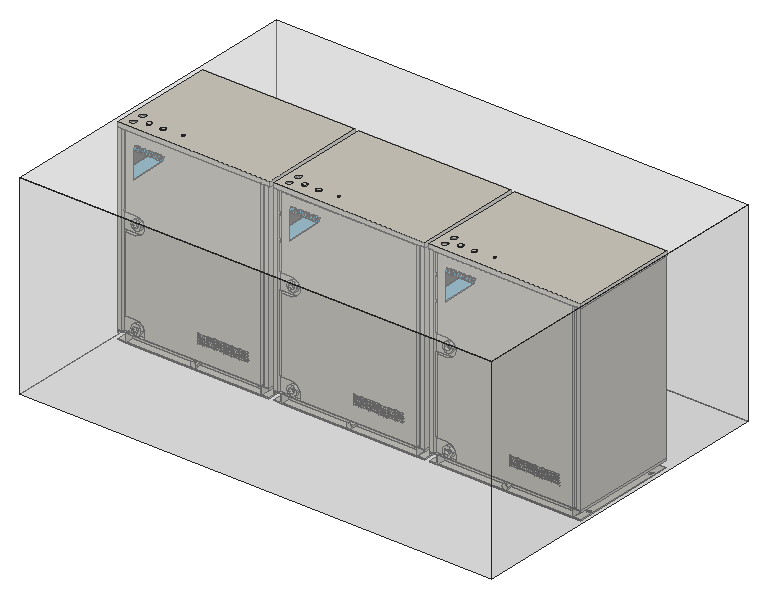
Revit family "outputfile", category 機械設備, Revit 2024 (continued)
Definition of nested family "DAIKIN_outdoorunit_RWEYQ-TY14"
  Definition of nested family "outdoorunit_frontpanel"
    Dimensions and locks
      aligned and locked: plane 8 "Left" to Extrusion 1 sketch curve
      aligned and locked: Extrusion 1 sketch curve to plane 4 "Back"
      aligned and locked: plane 5 "Front" to Extrusion 1 sketch curve
      aligned and locked: Extrusion 1 to plane 2 "Bottom"
      aligned and locked: plane 7 "Top" to Extrusion 1
      aligned and locked: plane 3 to plane 8 "Left"
      aligned and locked: plane 8 "Left" to Extrusion 2 sketch curve
      aligned and locked: Extrusion 2 sketch curve to plane 7 "Top"
      aligned and locked: plane 2 "Bottom" to Extrusion 2 sketch curve
      aligned and locked: Extrusion 2 sketch curve to plane 2 "Bottom"
      aligned and locked: plane 6 to Extrusion 2 sketch curve
      aligned and locked: plane 7 "Top" to Extrusion 2 sketch curve
      aligned and locked: Extrusion 2 to plane 1 "Center (Front/Back)"
      aligned and locked: plane 9 "Center L/S" to Extrusion 3
      aligned and locked: Extrusion 4 sketch curve to plane 7 "Top"
      aligned and locked: plane 2 "Bottom" to Extrusion 4 sketch curve
      aligned and locked: Extrusion 4 to plane 9 "Center L/S"
      aligned and locked: Extrusion 5 to plane 5 "Front"
      aligned and locked: plane 9 "Center L/S" to Extrusion 5
      aligned and locked: Extrusion 6 to plane 10 "Center L/T"
    Automatic sketch dimensions
      Extrusion 1 sketch curve to plane 6 = 0.0 mm
      Extrusion 3 sketch curve to plane 7 "Top" = 0.0 mm
      plane 3 to Extrusion 3 sketch curve = 2.0 mm  (x4)
      plane 3 to Extrusion 3 sketch curve = 10.5 mm
      Extrusion 3 sketch curve to Extrusion 3 sketch curve = 71.0 mm
      level to Extrusion 3 sketch curve = 31.0 mm
      Extrusion 3 sketch curve to plane 3 = 33.0 mm
      plane 6 to Extrusion 4 sketch curve = 236.161 mm
      Extrusion 5 sketch curve to Extrusion 5 sketch curve = 0.0 mm  (x4)
      plane 3 to Extrusion 5 sketch curve = 73.0 mm  (x2)
      level to Extrusion 5 sketch curve = 31.0 mm
      Extrusion 5 sketch curve to plane 7 "Top" = 420.0 mm
      level to Extrusion 6 sketch curve = 131.0 mm
      Extrusion 6 sketch curve to plane 6 = 345.2 mm
      Extrusion 6 sketch curve to Extrusion 6 sketch curve = 0.0 mm  (x40)
      Extrusion 6 sketch curve to Extrusion 6 sketch curve = 42.7 mm  (x2)
      Extrusion 6 sketch curve to Extrusion 6 sketch curve = 1.0 mm  (x32)
      Extrusion 6 sketch curve to Extrusion 6 sketch curve = 42.2 mm  (x4)
      Extrusion 6 sketch curve to Extrusion 6 sketch curve = 12.25 mm  (x7)
      Extrusion 6 sketch curve to Extrusion 6 sketch curve = 11.75 mm  (x9)
      radius of Extrusion 5 sketch curve = 25.0 mm  (x2)
      radius of Extrusion 5 sketch curve = 15.5 mm  (x2)
  Definition of nested family "outdoorunit_rightpanel1"
    Parameters (values of type "frontpanel1")
      width = 550.0 mm
      material [instance] = none
      height1 = 931.0 mm
      depth = 20.0 mm
      Default Elevation = 0.0 mm
    Reference planes
      plane 1 "Center (Front/Back)": y = 0
      plane 2 "Bottom": z = 0
      plane 3: x = 0
      plane 4 "Back": y = 10
      plane 5 "Front": y = -10
      plane 6: x = 550
      plane 7 "Top": z = 931
      plane 8 "Left": x = 0
      plane 9: y = -8.75
      plane 10: z = 639
      plane 11: y = -5.75
      plane 12: y = -2.551
      plane 13: y = -13
      plane 14: x = 275
    Forms (mm)
      Extrusion 1, solid, material <- "material"
        sketch origin (0, 0, 0) x (1, 0, 0) y (0, 1, 0)
          loop
            line (0, 10) -> (0, -10) -> (550, -10) -> (550, 10) -> (0, 10)
        from 0 to 931
    Dimensions and locks
      equal spacing: plane 4 "Back", plane 1 "Center (Front/Back)", plane 5 "Front"
      "depth": plane 4 "Back" to plane 5 "Front"
      "width": plane 8 "Left" to plane 6
      "height1": plane 7 "Top" to plane 2 "Bottom"
      locked: plane 10 to plane 2 "Bottom" at 639
      locked: plane 12 to plane 11 at 3.199
      plane 5 "Front" to plane 13 = 3.0 mm
      equal spacing: plane 8 "Left", plane 14, plane 6
      aligned and locked: level to plane 2 "Bottom"
      aligned and locked: plane 8 "Left" to Extrusion 1 sketch curve
      aligned and locked: Extrusion 1 sketch curve to plane 4 "Back"
      aligned and locked: plane 5 "Front" to Extrusion 1 sketch curve
      aligned and locked: Extrusion 1 to plane 2 "Bottom"
      aligned and locked: plane 7 "Top" to Extrusion 1
      aligned and locked: plane 3 to plane 8 "Left"
    Automatic sketch dimensions
      Extrusion 1 sketch curve to plane 6 = 0.0 mm
  Definition of nested family "outdoorunit_backpanel"
    Parameters (values of type "frontpanel1")
      width = 736.0 mm
      material [instance] = none
      height1 = 931.0 mm
      depth = 20.0 mm
      Default Elevation = 0.0 mm
    Reference planes
      plane 1 "Center (Front/Back)": y = 0
      plane 2 "Bottom": z = 0
      plane 3: x = 0
      plane 4 "Back": y = 10
      plane 5 "Front": y = -10
      plane 6: x = 736
      plane 7 "Top": z = 931
      plane 8 "Left": x = 0
      plane 9: z = 639
      plane 10: x = 368
    Forms (mm)
      Extrusion 1, solid, material <- "material"
        sketch origin (0, 0, 0) x (1, 0, 0) y (0, 1, 0)
          loop
            line (0, 10) -> (0, -10) -> (736, -10) -> (736, 10) -> (0, 10)
        from 0 to 931
      Extrusion 2, void
        sketch origin (0, 0, 0) x (1, 0, 0) y (0, 1, 0)
          loop
            line (0, -4) -> (0, -10) -> (21, -10) -> (21, -7) -> (2, -7) -> (2, -4) -> (0, -4)
          loop
            line (736, -4) -> (734, -4) -> (734, -7) -> (715, -7) -> (715, -10) -> (736, -10) -> (736, -4)
        from 0 to 931
    Cuts and joins
      Extrusion 2 cuts Extrusion 1
    Dimensions and locks
      equal spacing: plane 4 "Back", plane 1 "Center (Front/Back)", plane 5 "Front"
      "depth": plane 4 "Back" to plane 5 "Front"
      "width": plane 8 "Left" to plane 6
      "height1": plane 7 "Top" to plane 2 "Bottom"
      locked: plane 9 to plane 2 "Bottom" at 639
      equal spacing: plane 8 "Left", plane 10, plane 6
      aligned and locked: level to plane 2 "Bottom"
      aligned and locked: plane 8 "Left" to Extrusion 1 sketch curve
      aligned and locked: Extrusion 1 sketch curve to plane 4 "Back"
      aligned and locked: plane 5 "Front" to Extrusion 1 sketch curve
      aligned and locked: Extrusion 1 to plane 2 "Bottom"
      aligned and locked: plane 7 "Top" to Extrusion 1
      aligned and locked: plane 3 to plane 8 "Left"
    Automatic sketch dimensions
      Extrusion 1 sketch curve to plane 6 = 0.0 mm
      Extrusion 2 sketch curve to plane 3 = 0.0 mm
      Extrusion 2 sketch curve to plane 5 "Front" = 0.0 mm  (x2)
      Extrusion 2 sketch curve to plane 6 = 0.0 mm
      plane 3 to Extrusion 2 sketch curve = 2.0 mm
      Extrusion 2 sketch curve to Extrusion 2 sketch curve = 19.0 mm
      Extrusion 2 sketch curve to Extrusion 2 sketch curve = 21.0 mm
      Extrusion 2 sketch curve to plane 6 = 2.0 mm
      Extrusion 2 sketch curve to Extrusion 2 sketch curve = 3.0 mm  (x4)
  Definition of nested family "outdoorunit_leftpanel"
    Parameters (values of type "frontpanel1")
      width = 550.0 mm
      material [instance] = none
      height1 = 931.0 mm
      depth = 20.0 mm
      Default Elevation = 0.0 mm
    Reference planes
      plane 1 "Center (Front/Back)": y = 0
      plane 2 "Bottom": z = 0
      plane 3: x = 0
      plane 4 "Back": y = 10
      plane 5 "Front": y = -10
      plane 6: x = 550
      plane 7 "Top": z = 931
      plane 8 "Left": x = 0
      plane 9: y = -8.75
      plane 10: z = 639
      plane 11: y = -5.75
      plane 12: y = -2.551
      plane 13: y = -13
      plane 14: x = 275
    Forms (mm)
      Extrusion 1, solid, material <- "material"
        sketch origin (0, 0, 0) x (1, 0, 0) y (0, 1, 0)
          loop
            line (0, 10) -> (0, -10) -> (550, -10) -> (550, 10) -> (0, 10)
        from 0 to 931
    Dimensions and locks
      equal spacing: plane 4 "Back", plane 1 "Center (Front/Back)", plane 5 "Front"
      "depth": plane 4 "Back" to plane 5 "Front"
      "width": plane 8 "Left" to plane 6
      "height1": plane 7 "Top" to plane 2 "Bottom"
      locked: plane 10 to plane 2 "Bottom" at 639
      locked: plane 12 to plane 11 at 3.199
      plane 5 "Front" to plane 13 = 3.0 mm
      equal spacing: plane 8 "Left", plane 14, plane 6
      aligned and locked: level to plane 2 "Bottom"
      aligned and locked: plane 8 "Left" to Extrusion 1 sketch curve
      aligned and locked: Extrusion 1 sketch curve to plane 4 "Back"
      aligned and locked: plane 5 "Front" to Extrusion 1 sketch curve
      aligned and locked: Extrusion 1 to plane 2 "Bottom"
      aligned and locked: plane 7 "Top" to Extrusion 1
      aligned and locked: plane 3 to plane 8 "Left"
    Automatic sketch dimensions
      Extrusion 1 sketch curve to plane 6 = 0.0 mm
  Definition of nested family "outdoorunit_uppanel"
    Parameters (values of type "frontpanel1")
      width = 780.0 mm
      material [instance] = none
      height1 = 550.0 mm
      depth = 24.0 mm
      Default Elevation = 0.0 mm
    Reference planes
      plane 1 "Center (Front/Back)": y = 0
      plane 2 "Bottom": z = 0
      plane 3: x = 0
      plane 4 "Back": y = 12
      plane 5 "Front": y = -12
      plane 6: x = 780
      plane 7 "Top": z = 550
      plane 8 "Left": x = 0
      plane 9: y = -8.75
      plane 10: z = 639
      plane 11: y = -5.75
      plane 12: y = -2.551
    Forms (mm)
      Extrusion 1, solid, material <- "material"
        sketch origin (0, 0, 0) x (1, 0, 0) y (0, 1, 0)
          loop
            line (0, 12) -> (0, -12) -> (780, -12) -> (780, 12) -> (0, 12)
        from 0 to 550
      Extrusion 2, void
        sketch origin (0, 0, 0) x (1, 0, 0) y (0, 0, 1)
          loop
            circle (51, 38) r 14.5
          loop
            circle (51, 98) r 14.5
        from 9 to 12
    Cuts and joins
      Extrusion 2 cuts Extrusion 1
    Dimensions and locks
      equal spacing: plane 4 "Back", plane 1 "Center (Front/Back)", plane 5 "Front"
      "depth": plane 4 "Back" to plane 5 "Front"
      "width": plane 8 "Left" to plane 6
      "height1": plane 7 "Top" to plane 2 "Bottom"
      locked: plane 10 to plane 2 "Bottom" at 639
      locked: Extrusion 2 sketch curve to plane 8 "Left" at 51  (x2)
      locked: Extrusion 2 sketch curve to level at 38
      locked: Extrusion 2 sketch curve to Extrusion 2 sketch curve at 60
      aligned and locked: level to plane 2 "Bottom"
      aligned and locked: plane 8 "Left" to Extrusion 1 sketch curve
      aligned and locked: Extrusion 1 sketch curve to plane 4 "Back"
      aligned and locked: Extrusion 1 sketch curve to plane 5 "Front"
      aligned and locked: Extrusion 1 to plane 2 "Bottom"
      aligned and locked: plane 7 "Top" to Extrusion 1
      aligned and locked: plane 3 to plane 8 "Left"
    Automatic sketch dimensions
      Extrusion 1 sketch curve to plane 6 = 0.0 mm
      radius of Extrusion 2 sketch curve = 14.5 mm  (x2)
  Definition of nested family "outdoorunit_downpanel"
    Parameters (values of type "frontpanel1")
      width = 736.0 mm
      material [instance] = none
      height1 = 510.0 mm
      depth = 20.0 mm
      Default Elevation = 0.0 mm
    Reference planes
      plane 1 "Center (Front/Back)": y = 0
      plane 2 "Bottom": z = 0
      plane 3: x = 0
      plane 4 "Back": y = 10
      plane 5 "Front": y = -10
      plane 6: x = 736
      plane 7 "Top": z = 510
      plane 8 "Left": x = 0
      plane 9: z = 255
      plane 10: y = -18
      plane 11: y = 6
      plane 12: y = 8
      plane 13: x = 368
    Forms (mm)
      Extrusion 1, solid, material <- "material"
        sketch origin (0, 0, 0) x (1, 0, 0) y (0, 1, 0)
          loop
            line (0, 10) -> (0, -10) -> (736, -10) -> (736, 10) -> (0, 10)
        from 0 to 510
    Dimensions and locks
      equal spacing: plane 4 "Back", plane 1 "Center (Front/Back)", plane 5 "Front"
      "depth": plane 4 "Back" to plane 5 "Front"
      "width": plane 8 "Left" to plane 6
      "height1": plane 7 "Top" to plane 2 "Bottom"
      plane 4 "Back" to plane 11 = 4.0 mm
      plane 4 "Back" to plane 12 = 2.0 mm
      equal spacing: plane 8 "Left", plane 13, plane 6
      equal spacing: plane 7 "Top", plane 9, plane 2 "Bottom"
      aligned and locked: level to plane 2 "Bottom"
      aligned and locked: plane 8 "Left" to Extrusion 1 sketch curve
      aligned and locked: Extrusion 1 sketch curve to plane 4 "Back"
      aligned and locked: plane 5 "Front" to Extrusion 1 sketch curve
      aligned and locked: Extrusion 1 to plane 2 "Bottom"
      aligned and locked: plane 7 "Top" to Extrusion 1
      aligned and locked: plane 3 to plane 8 "Left"
    Automatic sketch dimensions
      Extrusion 1 sketch curve to plane 6 = 0.0 mm
  Definition of nested family "daikin_mountinghole"
    Parameters (values of type "daikin_mountinghole")
      Default Elevation = 1219.2 mm
      Type Comments = "mountinghole"
      show [instance] = yes
      material = none
      l_centerline = 100.0 mm
      l_antenna [instance] = 100.0 mm
      h_mountinghole [instance] = 0.0 mm
      d_circle = 30.0 mm
      Link_Nested Family [instance] = ""
    Reference planes
      plane 1 "Center (Front/Back)": y = 0
      plane 2: z = 0
      plane 3 "Center (Left/Right)": x = 0
      plane 4: y = 50
      plane 5: x = -50
      plane 6: x = 50
      plane 7: y = -50
      plane 8 "h_mountinghole": z = 0
      plane 9: z = 100
    Lines and regions (mm)
      model lines, detail levels fine
        curve 1: circle (0, 0, 0) r 15 normal (0, 0, 1)
        curve 2: line (-50, 0, 0) -> (50, 0, 0)
        curve 3: line (0, 50, 0) -> (0, -50, 0)
      symbolic lines, detail levels fine
        curve 4: circle (0, 0, 0) r 15 normal (0, 0, 1)
        curve 5: line (-50, 0, 0) -> (50, 0, 0)
        curve 6: line (0, 50, 0) -> (0, -50, 0)
      model lines
        curve 7: line (0, 0, 100) -> (0, 0, 0)
    Dimensions and locks
      equal spacing: plane 4, plane 1 "Center (Front/Back)", plane 7
      "l_centerline": plane 4 to plane 7
      equal spacing: plane 5, plane 3 "Center (Left/Right)", plane 6
      "l_centerline": plane 5 to plane 6
      "l_antenna": plane 9 to plane 8 "h_mountinghole"
      "h_mountinghole": plane 8 "h_mountinghole" to plane 2
      "d_circle": diameter of curve 1
      "d_circle": diameter of curve 4
      aligned and locked: level to plane 2
      aligned and locked: plane 1 "Center (Front/Back)" to curve 1
      aligned and locked: plane 3 "Center (Left/Right)" to curve 1
      aligned and locked: plane 1 "Center (Front/Back)" to curve 2
      aligned and locked: curve 3 to plane 3 "Center (Left/Right)"
      aligned and locked: plane 6 to curve 2
      aligned and locked: plane 5 to curve 2
      aligned and locked: plane 4 to curve 3
      aligned and locked: plane 7 to curve 3
      aligned and locked: plane 1 "Center (Front/Back)" to curve 4
      aligned and locked: plane 3 "Center (Left/Right)" to curve 4
      aligned and locked: plane 6 to curve 5
      aligned and locked: plane 5 to curve 5
      aligned and locked: plane 1 "Center (Front/Back)" to curve 5
      aligned and locked: plane 4 to curve 6
      aligned and locked: plane 7 to curve 6
      aligned and locked: curve 6 to plane 3 "Center (Left/Right)"
      aligned and locked: curve 7 to plane 3 "Center (Left/Right)"
      aligned and locked: plane 9 to curve 7
      aligned and locked: plane 8 "h_mountinghole" to curve 7
Definition of nested family "daikin_clearancespace"
  Parameters (values of type "daikin_clearancespace")
    Description = "daikin_clearancespace"
    width [instance] = 1823.963 mm
    show [instance] = yes
    material = none
    height [instance] = 1359.762 mm
    depth [instance] = 880.0 mm
    Default Elevation = 0.0 mm
    Link_Nested Family [instance] = ""
  Reference planes
    plane 1 "Center (Front/Back)": y = 0
    plane 2 "Center (Elevation)": z = -0.119
    plane 3 "Center (Left/Right)": x = 0
    plane 4: y = 440
    plane 5: y = -440
    plane 6 "Right": x = 911.982
    plane 7 "Left": x = -911.982
    plane 8 "Top": z = 679.762
    plane 9 "Bottom": z = -680
  Forms (mm)
    Extrusion 1, solid, material <- "material", visible <- "show"
      sketch origin (0, 0, 0) x (1, 0, 0) y (0, 1, 0)
        loop
          line (-911.982, 440) -> (-911.982, -440) -> (911.982, -440) -> (911.982, 440) -> (-911.982, 440)
      from -680 to 679.762
  Lines and regions (mm)
    symbolic lines, visible <- "show"
      curve 1: line (911.982, 440, 0) -> (-911.982, 440, 0)
      curve 2: line (-911.982, 440, 0) -> (-911.982, -440, 0)
      curve 3: line (-911.982, -440, 0) -> (911.982, -440, 0)
      curve 4: line (911.982, -440, 0) -> (911.982, 440, 0)
      curve 5: line (911.982, 0, 679.762) -> (-911.982, 0, 679.762)
      curve 6: line (911.982, 0, -680) -> (911.982, 0, 679.762)
      curve 7: line (-911.982, 0, -680) -> (911.982, 0, -680)
      curve 8: line (-911.982, 0, 679.762) -> (-911.982, 0, -680)
      curve 9: line (0, 440, 679.762) -> (0, -440, 679.762)
      curve 10: line (0, -440, 679.762) -> (0, -440, -680)
      curve 11: line (0, 440, -680) -> (0, 440, 679.762)
      curve 12: line (0, -440, -680) -> (0, 440, -680)
  Dimensions and locks
    "width": plane 7 "Left" to plane 6 "Right"
    "depth": plane 4 to plane 5
    "height": plane 8 "Top" to plane 9 "Bottom"
    equal spacing: plane 7 "Left", plane 3 "Center (Left/Right)", plane 6 "Right"
    equal spacing: plane 4, plane 1 "Center (Front/Back)", plane 5
    equal spacing: plane 8 "Top", plane 2 "Center (Elevation)", plane 9 "Bottom"
    aligned and locked: level to plane 2 "Center (Elevation)"
    aligned and locked: Extrusion 1 sketch curve to plane 4
    aligned and locked: plane 7 "Left" to Extrusion 1 sketch curve
    aligned and locked: Extrusion 1 sketch curve to plane 5
    aligned and locked: Extrusion 1 sketch curve to plane 6 "Right"
    aligned and locked: plane 8 "Top" to Extrusion 1
    aligned and locked: curve 1 to Extrusion 1
    aligned and locked: curve 2 to Extrusion 1
    aligned and locked: curve 3 to Extrusion 1
    aligned and locked: curve 4 to Extrusion 1
    aligned and locked: curve 5 to Extrusion 1
    aligned and locked: curve 6 to Extrusion 1
    aligned and locked: curve 7 to Extrusion 1
    aligned and locked: curve 8 to Extrusion 1
    aligned and locked: curve 9 to Extrusion 1
    aligned and locked: curve 10 to Extrusion 1
    aligned and locked: curve 11 to Extrusion 1
    aligned and locked: curve 12 to Extrusion 1
    aligned and locked: Extrusion 1 to plane 9 "Bottom"
Definition of nested family "daikin_logo_elevation_w150"
  Parameters (values of type "daikin_logo_elevation_w150")
    width = 150.0 mm
    show_logo [instance] = yes
    material = none
    height = 180.0 mm
    depth = 5.0 mm
    Default Elevation = 0.0 mm
  Reference planes
    plane 1 "Center (Front/Back)": y = 0
    plane 2: z = 0
    plane 3 "Center (Left/Right)": x = 0
    plane 4 "top": z = 180
    plane 5: z = 155.432
    plane 6 "left": x = -90
    plane 7 "right": x = 60
    plane 8: y = -5
  Forms (mm)
    Extrusion 1, solid, visible <- "show_logo"
      sketch origin (0, 0, 0) x (1, 0, 0) y (0, 0, 1)
        loop
          line (-90, 22.832) -> (54.211, 155.432) -> (-19.804, 155.432) -> (-90, 91.131) -> (-90, 22.832)
      from 0 to 5
    Extrusion 2, solid, visible <- "show_logo"
      sketch origin (0, 0, 0) x (1, 0, 0) y (0, 0, 1)
        loop
          line (-90, 155.432) -> (-90, 91.131) -> (-19.804, 155.432) -> (-90, 155.432)
      from 0 to 5
    Extrusion 3, solid, visible <- "show_logo"
      sketch origin (0, 0, 0) x (1, 0, 0) y (0, 0, 1)
        loop
          line (-73.294, 180) -> (-84.431, 180) -> (-90, 157.726) -> (-73.294, 157.726)
          arc (-73.294, 157.726) -> (-66.673, 159.069) -> (-61.582, 163.51) r 13.209
          arc (-61.582, 163.51) -> (-59.344, 169.288) -> (-60.109, 175.436) r 12.685
          arc (-60.109, 175.436) -> (-61.683, 177.678) -> (-64.031, 179.088) r 6.606
          arc (-64.031, 179.088) -> (-68.629, 179.878) -> (-73.294, 180) r 32.396
        loop
          line (-78.863, 162.18) -> (-74.408, 162.18)
          arc (-74.408, 162.18) -> (-70.986, 164.473) -> (-69.002, 168.082) r 8.708
          arc (-69.002, 168.082) -> (-68.734, 170.84) -> (-69.386, 173.533) r 8.337
          arc (-69.386, 173.533) -> (-70.358, 174.487) -> (-71.624, 174.988) r 3.442
          line (-71.624, 174.988) -> (-76.078, 174.988) -> (-78.863, 162.18)
        loop
          line (-61.043, 157.726) -> (-54.918, 157.726) -> (-52.829, 161.624) -> (-44.059, 161.624) -> (-43.223, 157.726) -> (-33.2, 157.726) -> (-37.655, 180) -> (-48.792, 180) -> (-61.043, 157.726)
        loop
          line (-50.145, 166.635) -> (-45.133, 166.635) -> (-46.565, 173.318) -> (-50.145, 166.635)
        loop
          line (-24.847, 180) -> (-30.416, 157.726) -> (-20.949, 157.726) -> (-15.38, 180) -> (-24.847, 180)
        loop
          line (-15.38, 157.726) -> (-5.914, 157.726) -> (-4.4, 163.779) -> (0.212, 157.726) -> (11.906, 157.726) -> (2.996, 169.42) -> (15.804, 180) -> (5.78, 180) -> (-1.94, 173.623) -> (-0.345, 180) -> (-9.812, 180) -> (-15.38, 157.726)
        loop
          line (20.259, 180) -> (14.133, 157.726) -> (24.157, 157.726) -> (29.725, 180) -> (20.259, 180)
        loop
          line (29.725, 157.726) -> (36.408, 157.726) -> (39.555, 170.315) -> (43.647, 157.726) -> (54.784, 157.726) -> (60.353, 180) -> (53.671, 180) -> (50.281, 166.442) -> (45.874, 180) -> (35.294, 180) -> (29.725, 157.726)
      from 0 to 5
  Dimensions and locks
    "height": plane 4 "top" to plane 2
    locked: plane 4 "top" to plane 5 at 24.568
    "width": plane 6 "left" to plane 7 "right"
    "depth": plane 8 to plane 1 "Center (Front/Back)"
    aligned and locked: level to plane 2
    aligned and locked: plane 4 "top" to Extrusion 3  (x8)
    aligned and locked: plane 5 to Extrusion 1
    aligned and locked: plane 5 to Extrusion 2
    aligned and locked: plane 6 "left" to Extrusion 2
    aligned and locked: plane 6 "left" to Extrusion 1
    aligned and locked: Extrusion 3 to plane 8
    aligned and locked: Extrusion 1 to plane 8
    aligned and locked: Extrusion 2 to plane 8
  Automatic sketch dimensions
    level to Extrusion 1 sketch curve = 22.832 mm
    Extrusion 1 sketch curve to Extrusion 1 sketch curve = 68.298 mm
    Extrusion 1 sketch curve to plane 4 "top" = 24.568 mm
    Extrusion 1 sketch curve to plane 3 "Center (Left/Right)" = 19.804 mm
    Extrusion 2 sketch curve to plane 4 "top" = 24.568 mm
    Extrusion 2 sketch curve to plane 3 "Center (Left/Right)" = 19.804 mm
    Extrusion 2 sketch curve to Extrusion 2 sketch curve = 64.302 mm
    Extrusion 3 sketch curve to plane 4 "top" = 0.0 mm  (x8)
    Extrusion 3 sketch curve to plane 4 "top" = 0.912 mm
    Extrusion 3 sketch curve to Extrusion 3 sketch curve = 2.154 mm
    Extrusion 3 sketch curve to Extrusion 3 sketch curve = 6.245 mm
    Extrusion 3 sketch curve to plane 4 "top" = 4.564 mm
    Extrusion 3 sketch curve to Extrusion 3 sketch curve = 5.748 mm
    Extrusion 3 sketch curve to Extrusion 3 sketch curve = 2.001 mm
    Extrusion 3 sketch curve to Extrusion 3 sketch curve = 4.603 mm
    Extrusion 3 sketch curve to Extrusion 3 sketch curve = 0.59 mm
    Extrusion 3 sketch curve to Extrusion 3 sketch curve = 0.07 mm
    Extrusion 3 sketch curve to Extrusion 3 sketch curve = 1.49 mm
    Extrusion 3 sketch curve to plane 4 "top" = 5.012 mm
    Extrusion 3 sketch curve to Extrusion 3 sketch curve = 3.556 mm
    Extrusion 3 sketch curve to Extrusion 3 sketch curve = 5.569 mm  (x3)
    Extrusion 3 sketch curve to Extrusion 3 sketch curve = 0.309 mm
    Extrusion 3 sketch curve to Extrusion 3 sketch curve = 4.455 mm  (x4)
    Extrusion 3 sketch curve to Extrusion 3 sketch curve = 0.288 mm
    Extrusion 3 sketch curve to Extrusion 3 sketch curve = 0.689 mm
    Extrusion 3 sketch curve to Extrusion 3 sketch curve = 2.238 mm
    Extrusion 3 sketch curve to Extrusion 3 sketch curve = 4.528 mm
    Extrusion 3 sketch curve to Extrusion 3 sketch curve = 0.658 mm
    Extrusion 3 sketch curve to Extrusion 3 sketch curve = 2.931 mm
    Extrusion 3 sketch curve to Extrusion 3 sketch curve = 0.357 mm
    Extrusion 3 sketch curve to Extrusion 3 sketch curve = 0.101 mm
    Extrusion 3 sketch curve to Extrusion 3 sketch curve = 11.317 mm
    Extrusion 3 sketch curve to Extrusion 3 sketch curve = 0.539 mm
    Extrusion 3 sketch curve to Extrusion 3 sketch curve = 11.137 mm  (x2)
    Extrusion 3 sketch curve to Extrusion 3 sketch curve = 5.784 mm
    Extrusion 3 sketch curve to Extrusion 3 sketch curve = 10.024 mm  (x3)
    Extrusion 3 sketch curve to Extrusion 3 sketch curve = 0.835 mm
    Extrusion 3 sketch curve to Extrusion 3 sketch curve = 8.771 mm
    Extrusion 3 sketch curve to Extrusion 3 sketch curve = 2.088 mm
    Extrusion 3 sketch curve to Extrusion 3 sketch curve = 3.898 mm
    Extrusion 3 sketch curve to plane 4 "top" = 6.682 mm
    Extrusion 3 sketch curve to Extrusion 3 sketch curve = 2.227 mm  (x2)
    Extrusion 3 sketch curve to Extrusion 3 sketch curve = 2.685 mm
    Extrusion 3 sketch curve to plane 4 "top" = 13.365 mm
    Extrusion 3 sketch curve to Extrusion 3 sketch curve = 5.012 mm
    Extrusion 3 sketch curve to Extrusion 3 sketch curve = 12.808 mm
    Extrusion 3 sketch curve to Extrusion 3 sketch curve = 2.784 mm
    Extrusion 3 sketch curve to Extrusion 3 sketch curve = 9.467 mm  (x4)
    Extrusion 3 sketch curve to Extrusion 3 sketch curve = 0.0 mm  (x5)
    Extrusion 3 sketch curve to Extrusion 3 sketch curve = 5.568 mm  (x2)
    Extrusion 3 sketch curve to plane 3 "Center (Left/Right)" = 0.345 mm
    Extrusion 3 sketch curve to plane 3 "Center (Left/Right)" = 1.94 mm
    Extrusion 3 sketch curve to plane 4 "top" = 6.377 mm
    plane 3 "Center (Left/Right)" to Extrusion 3 sketch curve = 5.78 mm
    plane 3 "Center (Left/Right)" to Extrusion 3 sketch curve = 2.996 mm
    Extrusion 3 sketch curve to Extrusion 3 sketch curve = 4.203 mm
    plane 3 "Center (Left/Right)" to Extrusion 3 sketch curve = 11.906 mm
    Extrusion 3 sketch curve to Extrusion 3 sketch curve = 11.694 mm
    plane 3 "Center (Left/Right)" to Extrusion 3 sketch curve = 0.212 mm
    Extrusion 3 sketch curve to plane 3 "Center (Left/Right)" = 4.4 mm
    Extrusion 3 sketch curve to Extrusion 3 sketch curve = 6.053 mm
    Extrusion 3 sketch curve to plane 3 "Center (Left/Right)" = 5.914 mm
    Extrusion 3 sketch curve to Extrusion 3 sketch curve = 10.581 mm
    Extrusion 3 sketch curve to plane 4 "top" = 13.558 mm
    Extrusion 3 sketch curve to Extrusion 3 sketch curve = 4.406 mm
    Extrusion 3 sketch curve to Extrusion 3 sketch curve = 7.796 mm
    Extrusion 3 sketch curve to Extrusion 3 sketch curve = 6.682 mm  (x2)
    Extrusion 3 sketch curve to Extrusion 3 sketch curve = 4.503 mm
    Extrusion 3 sketch curve to Extrusion 3 sketch curve = 8.716 mm
    Extrusion 3 sketch curve to Extrusion 3 sketch curve = 6.634 mm
    Extrusion 3 sketch curve to plane 4 "top" = 9.685 mm
    Extrusion 3 sketch curve to Extrusion 3 sketch curve = 4.261 mm
    Extrusion 3 sketch curve to Extrusion 3 sketch curve = 1.67 mm
    Extrusion 3 sketch curve to Extrusion 3 sketch curve = 8.353 mm
    Extrusion 1 sketch curve to plane 3 "Center (Left/Right)" = 90.0 mm
    Extrusion 2 sketch curve to Extrusion 2 sketch curve = 70.196 mm
    plane 3 "Center (Left/Right)" to Extrusion 1 sketch curve = 54.211 mm
Definition of nested family "daikin_mountinghole"
  Parameters (values of type "daikin_mountinghole")
    Default Elevation = 1219.2 mm
    Type Comments = "mountinghole"
    show [instance] = yes
    material = none
    l_centerline = 100.0 mm
    l_antenna [instance] = 100.0 mm
    h_mountinghole [instance] = 0.0 mm
    d_circle = 30.0 mm
    Link_Nested Family [instance] = ""
  Reference planes
    plane 1 "Center (Front/Back)": y = 0
    plane 2: z = 0
    plane 3 "Center (Left/Right)": x = 0
    plane 4: y = 50
    plane 5: x = -50
    plane 6: x = 50
    plane 7: y = -50
    plane 8 "h_mountinghole": z = 0
    plane 9: z = 100
  Lines and regions (mm)
    model lines, detail levels fine
      curve 1: circle (0, 0, 0) r 15 normal (0, 0, 1)
      curve 2: line (-50, 0, 0) -> (50, 0, 0)
      curve 3: line (0, 50, 0) -> (0, -50, 0)
    symbolic lines, detail levels fine
      curve 4: circle (0, 0, 0) r 15 normal (0, 0, 1)
      curve 5: line (-50, 0, 0) -> (50, 0, 0)
      curve 6: line (0, 50, 0) -> (0, -50, 0)
    model lines
      curve 7: line (0, 0, 100) -> (0, 0, 0)
  Dimensions and locks
    equal spacing: plane 4, plane 1 "Center (Front/Back)", plane 7
    "l_centerline": plane 4 to plane 7
    equal spacing: plane 5, plane 3 "Center (Left/Right)", plane 6
    "l_centerline": plane 5 to plane 6
    "l_antenna": plane 9 to plane 8 "h_mountinghole"
    "h_mountinghole": plane 8 "h_mountinghole" to plane 2
    "d_circle": diameter of curve 1
    "d_circle": diameter of curve 4
    aligned and locked: level to plane 2
    aligned and locked: plane 1 "Center (Front/Back)" to curve 1
    aligned and locked: plane 3 "Center (Left/Right)" to curve 1
    aligned and locked: plane 1 "Center (Front/Back)" to curve 2
    aligned and locked: curve 3 to plane 3 "Center (Left/Right)"
    aligned and locked: plane 6 to curve 2
    aligned and locked: plane 5 to curve 2
    aligned and locked: plane 4 to curve 3
    aligned and locked: plane 7 to curve 3
    aligned and locked: plane 1 "Center (Front/Back)" to curve 4
    aligned and locked: plane 3 "Center (Left/Right)" to curve 4
    aligned and locked: plane 6 to curve 5
    aligned and locked: plane 5 to curve 5
    aligned and locked: plane 1 "Center (Front/Back)" to curve 5
    aligned and locked: plane 4 to curve 6
    aligned and locked: plane 7 to curve 6
    aligned and locked: curve 6 to plane 3 "Center (Left/Right)"
    aligned and locked: curve 7 to plane 3 "Center (Left/Right)"
    aligned and locked: plane 9 to curve 7
    aligned and locked: plane 8 "h_mountinghole" to curve 7
Definition of nested family "daikin_connector_rotate3"
  Parameters (values of type "daikin_connector_rotate3")
    show [instance] = yes
    radius [instance] = 10.0 mm
    length [instance] = 600.0 mm
    angle_horizontal [instance] = 60.00°
    angle_vertical [instance] = 90.00°
    Default Elevation = 0.0 mm
  Reference planes
    plane 1 "Center (Front/Back)": y = 0
    plane 2: z = 0
    plane 3 "Center (Left/Right)": x = 0
  Dimensions and locks
    "angle_horizontal": angle plane 3 "Center (Left/Right)" to nested 1
    aligned and locked: level to plane 2
    aligned and locked: plane 1 "Center (Front/Back)" to nested 1  (x2)
    aligned and locked: plane 3 "Center (Left/Right)" to nested 1
  Nested families
    nested 1: "daikin_connector_rotate2" at (0, 0, 0) x (0.5, 0.866, 0) z (0, 0, 1), angle_vertical <- "angle_vertical", length <- "length", radius <- "radius", type "daikin_connector_rotate2"
      with radius 10.0 mm, length 600.0 mm, angle_vertical 90.00°
  Definition of nested family "daikin_connector_rotate2"
    Parameters (values of type "daikin_connector_rotate2")
      show_face = yes
      radius [instance] = 10.0 mm
      length [instance] = 600.0 mm
      d_surface = 10.0 mm
      angle_vertical [instance] = 90.00°
      Default Elevation = 0.0 mm
    Reference planes
      plane 1 "Center (Front/Back)": y = 0
      plane 2: z = 0
      plane 3 "Center (Left/Right)": x = 0
    Forms (mm)
      Extrusion 1, solid, visible <- "show_face"
        sketch origin (0, -600, 0) x (1, 0, 0) y (0, 0, 1)
          loop
            circle (0, 0) r 10
        from 0 to -10
    Lines and regions (mm)
      reference lines
        curve 1: line (0, 0, 0) -> (0, -600, 0)
      symbolic lines
        curve 2: circle (0, 0, 0) r 5 normal (0, 0, 1)
      model lines, visible <- "show_face"
        curve 3: line (0, 0, 0) -> (0, -600, 0)
    Dimensions and locks
      "length": curve 1 to curve 1
      "length": curve 3 to curve 3
      "d_surface": Extrusion 1 to Extrusion 1
      "radius": radius of Extrusion 1 sketch curve
      "angle_vertical": angle curve 1 to plane 1 "Center (Front/Back)"
      "angle_vertical": angle curve 3 to plane 1 "Center (Front/Back)"
      aligned and locked: level to plane 2
      aligned and locked: plane 1 "Center (Front/Back)" to curve 1
      aligned and locked: plane 2 to curve 1
      aligned and locked: plane 1 "Center (Front/Back)" to curve 2
      aligned and locked: plane 3 "Center (Left/Right)" to curve 2
      aligned and locked: plane 1 "Center (Front/Back)" to curve 3
      aligned and locked: plane 2 to curve 3
      aligned and locked: Extrusion 1 to Extrusion 1
    Automatic sketch dimensions
      Extrusion 1 sketch curve to level = 0.0 mm
      Extrusion 1 sketch curve to plane 3 "Center (Left/Right)" = 0.0 mm
      radius of curve 2 = 5.0 mm
